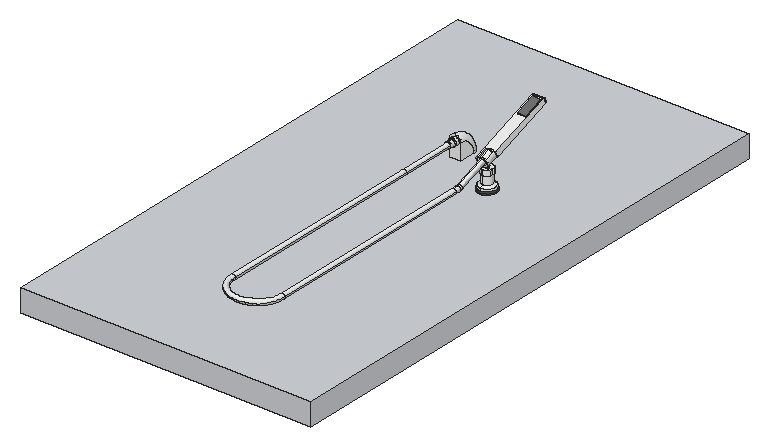
Revit family
Parameters (values of type "Polished Chrome")
  Waste Connection = no
  WFU = 0
  Version = 1
  Vent Connection = no
  URL = "http://www.deltafaucet.com"
  Tempered Water Connection Radius = Tempered Water Connection NPT / 2  # 1/4"
  Tempered Water Connection NPT = 1/2"
  Product URL = "http://www.deltafaucet.com/bath/details/55530.html"
  Overall Width = 0' - 7 209/256"  # constant formula
  Overall Height = 0' - 9 47/256"  # constant formula
  Overall Depth = 0' - 6 93/128"  # constant formula
  Model = "55530"
  Manufacturer = "DELTA"  # constant formula
  HWFU = 0
  HW Connection = yes
  Flow Pressure [instance] = 0.00 psi
  Flex Hose Main Length [instance] = if(Distance from Center of Handshower Holder to Connection < 1' 0", 2' 4" - (Distance from Center of Handshower Holder to Connection / 2), if(Distance from Center of Handshower Holder to Connection > 1' 0", 2' 4" + (Distance from Center of Handshower Holder to Connection / 2), 2' 4"))  # 2' - 2"
  Finish = Chrome - DELTA - Polished
  Distance from Center of Handshower Holder to Connection [instance] = 0' - 4"
  Description = "Wall-Mount Handshower"
  Default Elevation = 4' - 0"
  Collection = "Vero"  # constant formula
  CWFU = 0
  CW Connection = yes
  CADworks URL = "http://www.CADworks.net"
  Assembly Code = "D2010710"
Types (3): name | Product URL | Model | Finish
  (no name) | "http://www.deltafaucet.com/bath/details/55530.html" | "55530" | Chrome - DELTA - Polished
  Polished Chrome | "http://www.deltafaucet.com/bath/details/55530.html" | "55530" | Chrome - DELTA - Polished
  Brilliance Stainless | "http://www.deltafaucet.com/bath/details/55530-SS.html" | "55530-SS" | Steel - DELTA - Brilliance Stainless
Reference planes (in)
  plane 1 "Center (Front/Back)": y = 0
  plane 2: z = 0
  plane 3 "Center (Left/Right)": x = 0
  plane 4: z = 1.85433
  plane 5: z = 2.40551
  plane 6: z = 2.12992
  plane 7: z = 2.97323
  plane 8: through (0, -0.52362, 2.69291) normal (0, -0.9397, -0.342)
  plane 9: through (0, 0.81932, 3.18171) normal (0, -0.9397, -0.342)
  plane 10: through (0, 0.65284, 3.12111) normal (0, -0.9397, -0.342)
  plane 11: z = 6.72656
  plane 12: y = -1.11105
  plane 13: y = 8.07254
  plane 14: through (0, 0.60528, 3.76978) normal (0, 0.342, -0.9397)
  plane 15: x = 0.5
  plane 16: x = -0.5
  plane 17: z = 0.27559
  plane 18: x = -6
  plane 19: y = 4
  plane 20: z = 2
  plane 21: y = 2.67188
  plane 22: y = 1.56951
  plane 23: z = -0.125
  plane 24: y = -5.1122
  plane 25: y = -31.1122
  plane 26: x = -6.70159
  plane 27: x = 1.1122
  plane 28: through (0, -0.41729, 2.73162) normal (0, -0.9397, -0.342)
  plane 29: y = 2.57345
  plane 30: y = 2.2388
Forms (in)
  Extrusion 1, solid
    sketch origin (0, 0, 0) x (1, 0, 0) y (0, 1, 0)
      loop
        line (-22.61922, 23.80097) -> (-22.61922, -42.62507) -> (12.68585, -42.62507) -> (12.68585, 23.80097) -> (-22.61922, 23.80097)
    from 0 to -2.64211
  Extrusion 2, solid, material "Chrome - DELTA - Polished" <- "Finish"
    sketch origin (0, 0, 0) x (1, 0, 0) y (0, 1, 0)
      loop
        circle (0, 0) r 1.1811
    from 0.27559 to 1.85433
  Revolve 3, void
    sketch origin (0, 0, 0) x (0, 1, 0) y (0, 0, 1)
      loop
        line (1.37795, 0.27559) -> (1.37795, 0.51181) -> (0.99961, 0.51181) -> (0.99961, 0.27559) -> (1.37795, 0.27559)
      axis (0, 0.27559) -> (0, 0.51181)
    angle from 0 to 360
  Revolve 4, void
    sketch origin (0, 0, 0) x (0, 1, 0) y (0, 0, 1)
      loop
        line (1.37795, 0.51181) -> (1.37795, 1.85433) -> (0.59252, 1.85433) -> (0.60596, 0.8188)
        arc (0.60596, 0.8188) -> (0.69846, 0.60149) -> (0.91696, 0.51181) r 0.31102
        line (0.91696, 0.51181) -> (1.37795, 0.51181)
      axis (0, 0.51181) -> (0, 1.85433)
    angle from 0 to 360
  Extrusion 5, solid, material "Chrome - DELTA - Polished" <- "Finish"
    sketch origin (3.93701, -180, 1.85433) x (-1, 0, 0) y (0, -1, 0)
      loop
        circle (3.93701, -180) r 0.90284
    from 0 to 0.55118
  Revolve 6, void
    sketch origin (0, 0, 0) x (0, 1, 0) y (0, 0, 1)
      loop
        line (0.72953, 1.85433) -> (0.99721, 1.85433) -> (0.99721, 2.40551) -> (0.71969, 2.40551) -> (0.72953, 1.85433)
      axis (0, 2.40551) -> (0, 1.85433)
    angle from 0 to 360
  Extrusion 7, void
    sketch origin (3.93701, -180, 1.85433) x (0, -1, 0) y (-1, 0, 0)
      loop
        circle (-180, 2.96722) r 0.37795
      loop
        circle (-180.83986, 4.4219) r 0.37795
      loop
        circle (-179.16014, 4.4219) r 0.37795
    from 0 to -0.55118
  Extrusion 8, void
    sketch origin (3.93701, -180, 2.40551) x (0, -1, 0) y (-1, 0, 0)
      loop
        circle (-180, 3.93701) r 0.27559
    from 0 to 0.27559
  Extrusion 9, solid, material "Chrome - DELTA - Polished" <- "Finish"
    sketch origin (3.93701, -180, 2.12992) x (-1, 0, 0) y (0, -1, 0)
      loop
        circle (3.93701, -180) r 0.2
    from 0 to 0.84331
  Extrusion 10, solid, material "Chrome - DELTA - Polished" <- "Finish"
    sketch origin (0, -0.52362, 2.69291) x (0, 0.34202, -0.939693) y (1, 0, 0)
      loop
        line (-1.11102, 0.56469) -> (-1.00892, 0.42475)
        arc (-1.00892, 0.42475) -> (-0.17323, 0) -> (-1.00892, -0.42475) r 0.52579
        line (-1.00892, -0.42475) -> (-1.11102, -0.56469)
        arc (-1.11102, -0.56469) -> (0, 0) -> (-1.11102, 0.56469) r 0.69902
    from 0 to -1.25197
  Extrusion 11, solid, material "Chrome - DELTA - Polished" <- "Finish"
    sketch origin (0, 0.80605, 3.21819) x (0, 0.34202, -0.939693) y (1, 0, 0)
      loop
        line (-0.29171, 0.68898) -> (-0.88226, 0.68898) -> (-0.88226, -0.68898) -> (-0.29171, -0.68898) -> (-0.29171, 0.68898)
    from -7.77652 to 0
  Extrusion 12, solid, material "Chrome - DELTA - Polished" <- "Finish"
    sketch origin (0, 0.81932, 3.18171) x (0, 0.34202, -0.939693) y (1, 0, 0)
      loop
        line (-0.33054, 0.68898) -> (-0.92109, 0.68898) -> (-0.92109, -0.68898) -> (-0.33054, -0.68898) -> (-0.33054, 0.68898)
    from -7.83902 to -7.77652
  Extrusion 13, solid, material "Chrome - DELTA - Polished" <- "Finish"
    sketch origin (0, 0.65284, 3.12111) x (0, 0.34202, -0.939693) y (1, 0, 0)
      loop
        circle (-0.64198, 0) r 0.46875
    from -0.17717 to 0
  Extrusion 14, solid, material "Chrome - DELTA - Polished" <- "Finish"
    sketch origin (0, 0.65284, 3.12111) x (0, 0.34202, -0.939693) y (1, 0, 0)
      loop
        circle (-0.64198, 0) r 0.46875
    from 0 to 1.13881
  Extrusion 15, solid, material "Plastic - DELTA - Gray", detail levels medium+fine
    sketch origin (0, 0, 0) x (0, 1, 0) y (0, 0, 1)
      loop
        line (7.54754, 6.61078) -> (7.53686, 6.64014) -> (5.24635, 5.80647) -> (5.25704, 5.7771) -> (7.54754, 6.61078)
    from -0.5 to 0.5
  Extrusion 16, solid, material "Plastic - DELTA - Black"
    sketch origin (0, 0, 0) x (1, 0, 0) y (0, 1, 0)
      loop
        circle (0, 0) r 1.1811
    from 0 to 0.27559
  Revolve 17, void
    sketch origin (0, 0, 0) x (0, 1, 0) y (0, 0, 1)
      loop
        line (-1.11105, 0) -> (-1.11105, 0.09375) -> (-1.0497, 0.27559) -> (-1.26967, 0.27559) -> (-1.26967, 0) -> (-1.11105, 0)
      axis (0, 0) -> (0, 0.27559)
    angle from 0 to 360
  Revolve 18, solid, material "Chrome - DELTA - Polished" <- "Finish"
    sketch origin (0, 0, 0) x (1, 0, 0) y (0, 1, 0)
      loop
        line (-6.70159, 2.67188) -> (-5.32659, 2.67188) -> (-5.32659, 4.67188)
        arc (-5.32659, 4.67188) -> (-6.01409, 5.35938) -> (-6.70159, 4.67188) r 0.6875
        line (-6.70159, 4.67188) -> (-6.70159, 2.67188)
      axis (-5.32659, 2.67188) -> (-6.70159, 2.67188)
    angle from 0 to -90
  Extrusion 19, solid, material "Chrome - DELTA - Polished" <- "Finish"
    sketch origin (0, 2.67188, 6.71339) x (0, 0, -1) y (1, 0, 0)
      loop
        circle (4.71339, -6) r 0.4375
    from 0 to 0.5315
  Extrusion 20, solid, material "Chrome - DELTA - Polished" <- "Finish"
    sketch origin (0, 1.56951, 6.71339) x (0, 0, -1) y (1, 0, 0)
      loop
        circle (4.71339, -6) r 0.35938
    from -0.57087 to 0
  Extrusion 21, solid, material "Chrome - DELTA - Polished" <- "Finish"
    sketch origin (0, 1.56951, 6.71339) x (0, 0, -1) y (1, 0, 0)
      loop
        circle (4.71339, -6) r 0.46875
    from -1.00394 to -0.66929
  Extrusion 22, solid, material "Chrome - DELTA - Polished" <- "Finish", detail levels fine
    sketch origin (0, 0, 0) x (1, 0, 0) y (0, 1, 0)
      loop
        circle (-6, 4) r 0.25
    from 0 to -0.125
  Sweep 23, solid, material "Chrome - DELTA - Polished" <- "Finish"
    path origin (0, 0, 0) x (0, 1, 0) y (0, 0, 1)
      loop
        line (-5.1122, 2) -> (-4.48073, 2)
        arc (-4.48073, 2) -> (-4.30708, 2.01519) -> (-4.13871, 2.06031) r 1
        line (-4.13871, 2.06031) -> (-0.63686, 3.33488)
    profile origin (0, -4.79647, 2) x (0, 0, 1) y (1, 0, 0)
      loop
        circle (0, 0) r 0.28125
  Sweep 24, solid, material "Chrome - DELTA - Polished" <- "Finish"
    path origin (3.93701, -180, 2) x (-1, 0, 0) y (0, -1, 0)
      loop
        line (9.93701, -174.8878) -> (9.93701, -148.8878)
        arc (9.93701, -148.8878) -> (6.93701, -145.8878) -> (3.93701, -148.8878) r 3
        line (3.93701, -148.8878) -> (3.93701, -174.8878)
    profile origin (-6, -18.1122, 2) x (1, 0, 0) y (0, 0, 1)
      loop
        circle (0, 0) r 0.28125
  Sweep 25, solid, material "Chrome - DELTA - Polished" <- "Finish"
    path origin (3.93701, -180, 2) x (-1, 0, 0) y (0, -1, 0)
      loop
        line (9.93701, -174.8878) -> (9.93701, -181.56951)
    profile origin (-6, -1.77135, 2) x (-1, 0, 0) y (0, 0, 1)
      loop
        circle (0, 0) r 0.28125
Cuts and joins
  Revolve 3, Revolve 4, Revolve 6, Extrusion 7, Revolve 17 cuts Extrusion 2
  Revolve 6, Extrusion 7, Extrusion 8 cuts Extrusion 5
  Revolve 17 cuts Extrusion 16
  joined: Extrusion 19, Extrusion 21
  joined: Sweep 23, Sweep 24, Sweep 25
Lines and regions (in)
  Masking region 1
    outline origin (0, 8.07254, 6.71339) x (0, 0, -1) y (1, 0, 0)
      loop
        arc (4.71339, -5.32659) -> (4.02589, -6.01409) -> (4.71339, -6.70159) r 0.6875
        line (4.71339, -6.70159) -> (6.71339, -6.70159) -> (6.71339, -5.32659) -> (4.71339, -5.32659)
      loop
        line (6.71339, -1.11105) -> (6.71339, 1.1122) -> (6.62253, 1.1122) -> (6.4378, 1.0497) -> (6.4378, 0.99961) -> (6.20158, 0.99961) -> (6.20158, 0.91723)
        arc (6.20158, 0.91723) -> (6.11181, 0.69844) -> (5.89424, 0.60574) r 0.31152
        line (5.89424, 0.60574) -> (4.85906, 0.59184) -> (4.85906, 0.68569) -> (4.30788, 0.67829) -> (4.30788, 0.2) -> (3.9922, 0.2)
        arc (3.9922, 0.2) -> (3.70231, 0.59536) -> (3.22108, 0.68898) r 0.67269
        line (3.22108, 0.68898) -> (-0.01317, 0.68898) -> (-0.01317, -0.68898) -> (3.22108, -0.68898)
        arc (3.22108, -0.68898) -> (3.70231, -0.59536) -> (3.9922, -0.2) r 0.67269
        line (3.9922, -0.2) -> (4.30788, -0.2) -> (4.30788, -0.71969) -> (4.85906, -0.72953) -> (4.85906, -0.59184) -> (5.89424, -0.60574)
        arc (5.89424, -0.60574) -> (6.11181, -0.69844) -> (6.20158, -0.91723) r 0.31152
        line (6.20158, -0.91723) -> (6.20158, -0.99961) -> (6.4378, -0.99961) -> (6.4378, -1.0497) -> (6.61955, -1.11105) -> (6.71339, -1.11105)
  symbolic lines, detail levels fine
    curve 1: line (-0.127, 8.07254, 1.85433) -> (-0.1308, 8.07254, 2.40551)
    curve 2: line (-0.55864, 8.07254, 1.85433) -> (-0.54748, 8.07254, 2.40551)
    curve 4: line (-1.11105, 8.07254, 0.09375) -> (1.1122, 8.07254, 0.09375)
    curve 5: line (0.99961, 8.07254, 0.27559) -> (-0.99961, 8.07254, 0.27559)
    curve 9: arc (0.35033, 8.07254, 3.49231) -> (0, 8.07254, 3.34449) -> (-0.35033, 8.07254, 3.49231) r 0.48904
    curve 10: arc (-0.429, 8.07254, 3.49231) -> (0, 8.07254, 3.28389) -> (0.429, 8.07254, 3.49231) r 0.54573
    curve 11: line (-0.68898, 8.07254, 6.15203) -> (0.68898, 8.07254, 6.15203)
    curve 12: line (0.68898, 8.07254, 6.17341) -> (-0.68898, 8.07254, 6.17341)
  symbolic lines, detail levels medium+fine
    curve 3: line (0.91723, 8.07254, 0.51181) -> (-0.91723, 8.07254, 0.51181)
    curve 8: line (-0.68898, 8.07254, 3.49231) -> (0.68898, 8.07254, 3.49231)
    curve 16: spline (0.62945, 8.07254, 3.49231) -> (0.56204, 8.07254, 3.38742) -> (0.47507, 8.07254, 3.29613) -> (0.37157, 8.07254, 3.2216) -> (0.25514, 8.07254, 3.16643) -> (0.12983, 8.07254, 3.13254) -> (0, 8.07254, 3.12111) -> (-0.12983, 8.07254, 3.13254) -> (-0.25514, 8.07254, 3.16643) -> (-0.37157, 8.07254, 3.2216) -> (-0.47507, 8.07254, 3.29613) -> (-0.56204, 8.07254, 3.38742) -> (-0.62945, 8.07254, 3.49231)
  symbolic lines
    curve 6: line (0.59252, 8.07254, 1.85433) -> (-0.72953, 8.07254, 1.85433)
    curve 7: line (0.2, 8.07254, 2.40551) -> (-0.2, 8.07254, 2.40551)
    curve 13: line (0.2, 8.07254, 2.72119) -> (0.2, 8.07254, 2.91459)
    curve 14: line (-0.2, 8.07254, 2.72119) -> (-0.2, 8.07254, 2.91459)
    curve 15: line (0.2, 8.07254, 2.91459) -> (-0.2, 8.07254, 2.91459)
Dimensions and locks (in)
  locked: plane 1 "Center (Front/Back)" to Extrusion 2 sketch curve at 0
  locked: plane 3 "Center (Left/Right)" to Extrusion 2 sketch curve at 0
  locked: plane 1 "Center (Front/Back)" to Revolve 3 sketch curve at 1.37795
  locked: Revolve 3 sketch curve to plane 2 at 0.51181
  locked: Revolve 4 sketch curve to plane 2 at 0.51181
  plane 1 "Center (Front/Back)" to Revolve 4 sketch curve to Revolve 4 sketch curve = 0' - 0.59252" locked, 0' - 0.78543" locked
  locked: plane 4 to plane 2 at 1.85433
  locked: plane 5 to plane 4 at 0.55118
  locked: plane 1 "Center (Front/Back)" to Extrusion 5 sketch curve at 0
  locked: plane 3 "Center (Left/Right)" to Extrusion 5 sketch curve at 0
  plane 1 "Center (Front/Back)" to Revolve 6 sketch curve to Revolve 6 sketch curve = 0' - 0.71969" locked, 0' - 0.27753" locked
  Extrusion 7 sketch curve to plane 1 "Center (Front/Back)" to Extrusion 7 sketch curve to Extrusion 7 sketch curve = 0' - 0.83986" locked, 0' - 0" locked, 0' - 0.83986" locked
  Extrusion 7 sketch curve to plane 3 "Center (Left/Right)" to Extrusion 7 sketch curve = 0' - 0.4849" locked, 0' - 0.96979" locked
  locked: Extrusion 7 sketch curve to plane 3 "Center (Left/Right)" at 0.4849
  locked: plane 6 to plane 2 at 2.12992
  locked: plane 1 "Center (Front/Back)" to Extrusion 8 sketch curve at 0
  locked: plane 3 "Center (Left/Right)" to Extrusion 8 sketch curve at 0
  locked: plane 1 "Center (Front/Back)" to Extrusion 9 sketch curve at 0
  locked: plane 3 "Center (Left/Right)" to Extrusion 9 sketch curve at 0
  locked: plane 7 to plane 2 at 2.97323
  locked: plane 8 to plane 10 at 1.25197
  locked: plane 8 to plane 9 at 1.42913
  "Overall Depth": plane 11 to plane 2
  equal spacing: Extrusion 11 sketch curve, plane 3 "Center (Left/Right)", Extrusion 11 sketch curve
  locked: Extrusion 11 sketch curve to Extrusion 11 sketch curve at 1.37795
  locked: Extrusion 11 sketch curve to Extrusion 11 sketch curve at 0.59055
  locked: Extrusion 12 to Extrusion 12 at 0.0625
  locked: plane 1 "Center (Front/Back)" to plane 13 at 8.07254
  "Overall Height": plane 12 to plane 13
  locked: plane 14 to Extrusion 13 sketch curve at 0.01617
  locked: plane 3 "Center (Left/Right)" to Extrusion 13 sketch curve at 0
  locked: plane 8 to Extrusion 14 at 0.11316
  equal spacing: plane 16, plane 3 "Center (Left/Right)", plane 15
  locked: plane 16 to plane 15 at 1
  locked: Extrusion 15 sketch curve to Extrusion 11 at 0.03125
  Extrusion 15 sketch curve to Extrusion 15 sketch curve to Extrusion 12 = 0' - 2 7/16" locked, 0' - 0 9/32" locked
  locked: plane 17 to plane 2 at 0.27559
  locked: plane 1 "Center (Front/Back)" to Extrusion 16 sketch curve at 0
  locked: plane 3 "Center (Left/Right)" to Extrusion 16 sketch curve at 0
  Revolve 17 sketch curve to Revolve 17 sketch curve to plane 1 "Center (Front/Back)" = 0' - 0.21996" locked, 0' - 1.0497" locked
  locked: plane 20 to plane 2 at 2
  locked: Revolve 18 sketch curve to plane 19 at 1.32812
  Revolve 18 sketch curve to plane 18 to Revolve 18 sketch curve = 0' - 0.70159" locked, 0' - 0.67341" locked
  locked: plane 21 to plane 19 at 1.32812
  locked: plane 20 to Extrusion 19 sketch curve at 0
  locked: plane 18 to Extrusion 19 sketch curve at 0
  locked: plane 22 to plane 19 at 2.43049
  locked: Extrusion 19 to plane 21 at 0.5315
  locked: plane 20 to Extrusion 20 sketch curve at 0
  locked: plane 18 to Extrusion 20 sketch curve
  locked: plane 20 to Extrusion 21 sketch curve at 0
  locked: plane 18 to Extrusion 21 sketch curve
  "Distance from Center of Handshower Holder to Connection": plane 1 "Center (Front/Back)" to plane 19
  locked: plane 19 to Extrusion 22 sketch curve at 0
  locked: plane 18 to Extrusion 22 sketch curve at 0
  locked: plane 2 to plane 23 at 0.125
  locked: plane 24 to plane 1 "Center (Front/Back)" at 5.1122
  locked: plane 20 to Sweep 23 sketch curve at 0
  locked: plane 3 "Center (Left/Right)" to Sweep 23 sketch curve at 0
  locked: plane 25 to Sweep 24 sketch curve at 0
  locked: plane 18 to Sweep 24 sketch curve at 3
  locked: plane 18 to Sweep 24 sketch curve at 0
  locked: plane 20 to Sweep 24 sketch curve at 0
  locked: plane 26 to plane 18 at 0.70159
  locked: plane 3 "Center (Left/Right)" to plane 27 at 1.1122
  locked: plane 18 to plane 3 "Center (Left/Right)" at 6
  "Flex Hose Main Length": plane 25 to plane 24
  locked: plane 20 to Sweep 25 sketch curve at 0
  locked: plane 18 to Sweep 25 sketch curve at 0
  Masking region 1 sketch curve to plane 3 "Center (Left/Right)" to Masking region 1 sketch curve = 0' - 0.99961" locked, 0' - 0.99961" locked
  locked: plane 17 to Masking region 1 sketch curve at 0.23622
  locked: plane 2 to Masking region 1 sketch curve at 0.51181
  Masking region 1 sketch curve to plane 3 "Center (Left/Right)" to Masking region 1 sketch curve = 0' - 0.59184" locked, 0' - 0.59184" locked
  Masking region 1 sketch curve to plane 3 "Center (Left/Right)" to Masking region 1 sketch curve = 0' - 0.68898" locked, 0' - 0.68898" locked
  Masking region 1 sketch curve to plane 3 "Center (Left/Right)" to Masking region 1 sketch curve = 0' - 0.67829" locked, 0' - 0.71969" locked
  locked: Masking region 1 sketch curve to plane 3 "Center (Left/Right)" at 0.02726
  locked: plane 3 "Center (Left/Right)" to Masking region 1 sketch curve at 0.02726
  locked: plane 2 to Masking region 1 sketch curve at 3.37132  (x2)
  locked: plane 2 to Masking region 1 sketch curve at 0.82333  (x2)
  Masking region 1 sketch curve to plane 3 "Center (Left/Right)" to Masking region 1 sketch curve = 0' - 0.91723" locked, 0' - 0.91723" locked
  locked: plane 2 to curve 4 at 0.09375
  locked: plane 2 to curve 3 at 0.51181
  plane 3 "Center (Left/Right)" to curve 1 to curve 2 = 0' - 0.127" locked, 0' - 0.43165" locked
  plane 3 "Center (Left/Right)" to curve 1 to curve 2 = 0' - 0.1308" locked, 0' - 0.41668" locked
  Masking region 1 sketch curve to plane 3 "Center (Left/Right)" to Masking region 1 sketch curve = 0' - 0.2" locked, 0' - 0.2" locked
  locked: plane 3 "Center (Left/Right)" to curve 9 at 0
  locked: plane 3 "Center (Left/Right)" to curve 10 at 0
  plane 2 to curve 10 to curve 9 = 0' - 3.82962" locked, 0' - 0 1/256" locked
  locked: plane 2 to curve 15 at 2.91459
  curve 16 to plane 3 "Center (Left/Right)" to curve 16 = 0' - 0.62945" locked, 0' - 0.62945" locked
  locked: plane 7 to curve 16 at 0.80474
  locked: plane 14 to Extrusion 10 sketch curve at 0.0732  (x2)
  locked: plane 3 "Center (Left/Right)" to Extrusion 10 sketch curve at 0  (x2)
  plane 14 to Extrusion 10 sketch curve to Extrusion 10 sketch curve = 0' - 0.38311" locked, 0' - 0.1021" locked  (x2)
  plane 30 to plane 29 to plane 19 = 0' - 0.33465" locked, 0' - 1.42655" locked
  radius of Extrusion 2 sketch curve = 0' - 1.1811"
  radius of Extrusion 5 sketch curve = 0' - 0.90284"
  radius of Extrusion 7 sketch curve = 0' - 0.37795"  (x3)
  radius of Extrusion 8 sketch curve = 0' - 0.27559"
  radius of Extrusion 13 sketch curve = 0' - 0 15/32"
  radius of Extrusion 16 sketch curve = 0' - 1.1811"
  radius of Extrusion 20 sketch curve = 0' - 0 23/64"
  radius of Extrusion 21 sketch curve = 0' - 0 15/32"
  "Tempered Water Connection Radius": radius of Extrusion 22 sketch curve
  radius of Sweep 23 sketch curve = 0' - 0 9/32"
  radius of Sweep 24 sketch curve = 0' - 3"
  radius of Sweep 24 sketch curve = 0' - 0 9/32"
  radius of Sweep 25 sketch curve = 0' - 0 9/32"
  radius of Masking region 1 sketch curve = 0' - 0.67269"  (x2)
  radius of Masking region 1 sketch curve = 0' - 0.31152"  (x2)
  radius of curve 10 = 0' - 0.54573"
  radius of curve 9 = 0' - 0.48904"
  radius of Extrusion 19 sketch curve = 0' - 0 7/16"
  radius of Extrusion 10 sketch curve = 0' - 0.52579"
  radius of Extrusion 10 sketch curve = 0' - 0.69902"
  locked: Revolve 18 to Revolve 18 (angle 90.00°)
  aligned and locked: plane 2 to Extrusion 1
  aligned and locked: level to Extrusion 1
  aligned and locked: plane 4 to Extrusion 2
  aligned: Extrusion 2 to plane 2
  aligned and locked: Revolve 3 sketch curve to plane 1 "Center (Front/Back)"
  aligned and locked: Revolve 4 sketch curve to plane 1 "Center (Front/Back)"
  aligned and locked: plane 4 to Revolve 4 sketch curve
  aligned and locked: Revolve 4 sketch curve to plane 3 "Center (Left/Right)"
  aligned and locked: Extrusion 5 to plane 4
  aligned and locked: plane 5 to Extrusion 5
  aligned and locked: Revolve 6 sketch curve to plane 4
  aligned and locked: plane 5 to Revolve 6 sketch curve
  aligned and locked: plane 3 "Center (Left/Right)" to Revolve 6 sketch curve
  aligned and locked: plane 1 "Center (Front/Back)" to Revolve 6 sketch curve
  aligned and locked: cut or joined group of Extrusion 5, Revolve 6, Extrusion 7, Extrusion 8 to plane 4
  aligned and locked: plane 5 to cut or joined group of Extrusion 5, Revolve 6, Extrusion 7, Extrusion 8  (x2)
  aligned and locked: cut or joined group of Extrusion 5, Revolve 6, Extrusion 7, Extrusion 8 to plane 6
  aligned and locked: Extrusion 9 to plane 6
  aligned and locked: plane 7 to Extrusion 9
  aligned and locked: plane 9 to Extrusion 11
  aligned and locked: Extrusion 12 sketch curve to Extrusion 11  (x4)
  aligned and locked: Extrusion 12 to Extrusion 11
  aligned and locked: Extrusion 13 to plane 9
  aligned and locked: plane 10 to Extrusion 13
  aligned and locked: Extrusion 14 sketch curve to Extrusion 13  (x2)
  aligned and locked: Extrusion 14 to plane 10
  aligned and locked: Extrusion 11 to Extrusion 15 sketch curve
  aligned and locked: Extrusion 15 to plane 15
  aligned and locked: Extrusion 15 to plane 16
  aligned and locked: cut or joined group of Extrusion 2, Revolve 3, Revolve 4, Revolve 6, Extrusion 7, Revolve 17 to plane 17
  aligned and locked: Revolve 3 sketch curve to plane 17
  aligned and locked: plane 17 to Extrusion 16
  aligned and locked: Extrusion 16 to plane 2
  aligned and locked: plane 17 to Revolve 17 sketch curve
  aligned and locked: Revolve 17 sketch curve to plane 2
  aligned and locked: Revolve 17 sketch curve to plane 12
  aligned and locked: Revolve 17 sketch curve to plane 3 "Center (Left/Right)"
  aligned and locked: Revolve 17 sketch curve to plane 1 "Center (Front/Back)"
  aligned and locked: Revolve 18 sketch curve to Revolve 18 sketch curve
  aligned and locked: Extrusion 19 to plane 21
  aligned: plane 22 to Extrusion 19
  aligned and locked: plane 22 to Extrusion 20
  aligned and locked: Extrusion 20 to Extrusion 19
  aligned and locked: Extrusion 22 to plane 23
  aligned and locked: plane 2 to Extrusion 22
  aligned and locked: Extrusion 14 to Sweep 23 sketch curve
  aligned and locked: Sweep 23 sketch curve to plane 20
  aligned and locked: plane 24 to Sweep 23 sketch curve
  aligned and locked: Sweep 23 sketch curve to plane 3 "Center (Left/Right)"
  aligned and locked: Sweep 24 sketch curve to plane 18
  aligned and locked: plane 24 to Sweep 24 sketch curve  (x2)
  aligned and locked: Sweep 24 sketch curve to plane 3 "Center (Left/Right)"
  aligned and locked: plane 20 to Sweep 24 sketch curve
  aligned and locked: plane 18 to Sweep 25 sketch curve
  aligned and locked: plane 24 to Sweep 25 sketch curve
  aligned and locked: plane 22 to Sweep 25 sketch curve
  aligned and locked: Sweep 25 sketch curve to plane 20
  aligned and locked: Masking region 1 sketch curve to Revolve 18
  aligned and locked: Masking region 1 sketch curve to plane 26
  aligned and locked: plane 20 to Masking region 1 sketch curve
  aligned and locked: plane 2 to Masking region 1 sketch curve
  aligned and locked: Masking region 1 sketch curve to cut or joined group of Extrusion 16, Revolve 17
  aligned and locked: Masking region 1 sketch curve to Extrusion 11
  aligned and locked: Masking region 1 sketch curve to plane 11
  aligned and locked: plane 17 to Masking region 1 sketch curve  (x2)
  aligned and locked: plane 27 to Masking region 1 sketch curve
  aligned and locked: Masking region 1 sketch curve to plane 5
  aligned and locked: cut or joined group of Extrusion 5, Revolve 6, Extrusion 7, Extrusion 8 to Masking region 1 sketch curve
  aligned and locked: Masking region 1 sketch curve to plane 4
  aligned and locked: plane 5 to Masking region 1 sketch curve
  aligned and locked: curve 5 to plane 17
  aligned and locked: Masking region 1 to curve 4
  aligned and locked: plane 27 to curve 4
  aligned and locked: curve 6 to plane 4
  aligned and locked: curve 7 to plane 5
  aligned and locked: curve 7 to Masking region 1
  aligned and locked: Extrusion 11 to curve 8  (x2)
  aligned and locked: curve 8 to Extrusion 11
  aligned and locked: Extrusion 12 to curve 11
  aligned and locked: Extrusion 12 to curve 12
  aligned and locked: Extrusion 11 to curve 12  (x2)
  aligned and locked: Extrusion 11 to curve 11  (x2)
  aligned and locked: Masking region 1 to curve 14
  aligned and locked: Masking region 1 to curve 13
  aligned and locked: Extrusion 10 to plane 10
  aligned and locked: plane 8 to Extrusion 10
  aligned and locked: plane 28 to Extrusion 14
  aligned and locked: plane 30 to cut or joined group of Extrusion 19, Extrusion 21
  aligned and locked: cut or joined group of Extrusion 19, Extrusion 21 to plane 29
Automatic sketch dimensions
  Extrusion 1 sketch curve to Extrusion 1 sketch curve = 2' - 11.30507"
  Extrusion 1 sketch curve to Extrusion 1 sketch curve = 5' - 6.42604"
  Revolve 17 sketch curve to Revolve 17 sketch curve = 0' - 0 3/32"
  Revolve 18 sketch curve to plane 18 = 0' - 1.45159"
  Revolve 18 sketch curve to Revolve 18 sketch curve = 0' - 0"
  Sweep 23 sketch curve to Sweep 23 sketch curve = 0' - 0.63147"
  plane 20 to Sweep 23 sketch curve = 0' - 0.06031"
  Sweep 23 sketch curve to Sweep 23 sketch curve = 0' - 0.34202"
  plane 7 to Sweep 23 sketch curve = 0' - 0.36165"
  Revolve 3 sketch curve to Revolve 3 sketch curve = 0' - 0.37835"
  plane 6 to Revolve 3 sketch curve = 0' - 0.11811"
  plane 5 to Revolve 3 sketch curve = 0' - 0.23622"
  Masking region 1 sketch curve to plane 16 = 0' - 0.10574"
  Masking region 1 sketch curve to plane 15 = 0' - 0.10574"
  level to Masking region 1 sketch curve = 0' - 0.09384"
  level to Masking region 1 sketch curve = 0' - 0.09086"
  Masking region 1 sketch curve to Masking region 1 sketch curve = 0' - 0.11144"
  Masking region 1 sketch curve to Masking region 1 sketch curve = 0' - 0.0501"  (x2)
  Masking region 1 sketch curve to Masking region 1 sketch curve = 0' - 0.13769"
  Masking region 1 sketch curve to Masking region 1 sketch curve = 0' - 0.09385"
  curve 2 to plane 5 = 0' - 0"
  curve 11 to plane 11 = 0' - 0.57453"
  curve 12 to curve 11 = 0' - 0.02138"
  curve 14 to curve 14 = 0' - 0.19341"
  curve 13 to curve 13 = 0' - 0.19341"
  curve 4 to curve 5 = 0' - 0.11144"
  curve 5 to curve 3 = 0' - 0.08237"
  curve 6 to curve 2 = 0' - 0.17088"
  curve 16 to curve 8 = 0' - 0.01004"
  curve 7 to curve 1 = 0' - 0.0692"
  curve 6 to plane 15 = 0' - 0.09252"
  plane 27 to curve 3 = 0' - 0.19497"
  plane 27 to curve 5 = 0' - 0.1126"
  Revolve 18 sketch curve to plane 19 = 0' - 0 43/64"
  radius of Extrusion 9 sketch curve = 0' - 0.2"
Connectors (in)
  piping at (-6, 4, 0), driven by "Tempered Water Connection Radius", driven by "HWFU", driven by "Flow Pressure"
    settings: on Extrusion 22, index 1
